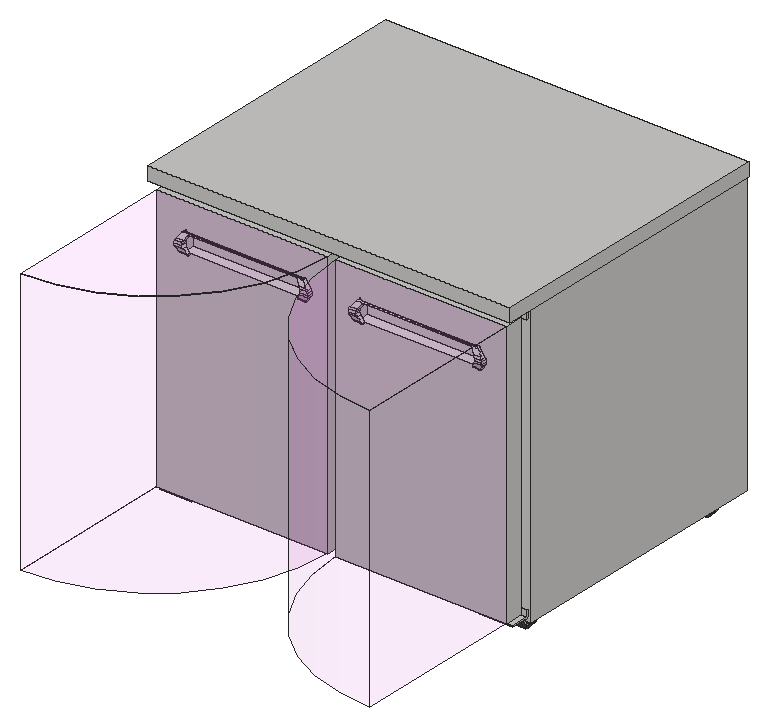
Revit family "Qf_Kelvinator_738335_KCHUC36F-32_2-Door_Under_Counter_Freezer_36_Long_32.5_Tall", category Specialty Equipment, Revit 2021
Family settings
  Round Connector Dimension = Use Diameter
  Part Type = Normal
  Work Plane-Based = No
  Always vertical = Yes
  Cut with Voids When Loaded = No
  Shared = No
  Room Calculation Point = No
Parameters
  Weight in Pounds = 178.574
  Watts = if(Phase = 3, Volts * FL Amps * 1.73, Volts * FL Amps)  # 345 W
  Volts = 115 V
  URL Cutsheet = ""
  Specification by User = ""
  Specification by Manufacturer = ""
  Show Clearance [instance] = yes
  Serial Number = ""
  Seismic Rating = ""
  SMACNA No = ""
  Revision Code = ""
  Refrigerant Type = "R290"
  Phase = 1
  Number of Poles = 1
  NAFEM Spec ID Number = ""
  Model = "738335 (KCHUC36F-32)"
  Min Ckt Ampacity = 0 A
  Max Overcurrent Protection = 0 A
  Masterspec = ""
  Manufacturer = "Kelvinator Commercial"
  Length = 36 7/16"
  Item Number = "738335"
  Installed By = ""
  Identify Quantity as Lot = yes
  Height = 32 1/16"
  HP = "1/4"
  Furnished By = ""
  Foodservice Equipment Identifier = yes
  FL Amps = 3 A
  Electrical Remarks = ""
  Electric Connection Type = ""
  Elec Conn RI Height = 0"
  Elec Conn Connection Height = 0"
  Description = "2-Door Under Counter Freezer 36\" Long 32.5\" Tall"
  Depth = 29 15/16"
  Default Elevation = 0"
  Cycle = 60 Hz
  Conn Plug = "5-15P"
  Conn Conduit = yes
  CSI MasterFormat = ""
  Apparent Power = if(Phase = 3, Volts * FL Amps * 1.73, Volts * FL Amps)  # 345 VA
Reference planes (in)
  plane 1 "BACK": y = 0
  plane 2: z = 0
  plane 3 "LEFT": x = 0
  plane 4 "RIGHT": x = 36.41732
  plane 5 "FRONT": y = -29.92126
  plane 6 "TOP": z = 32.08661
  plane 7 "Center Y": x = 18.20866
  plane 8 "Center X": y = -14.96063
  plane 9 "Base Height": z = 2.3622
  plane 10: x = 36.4375
  plane 11: y = -29.9375
  plane 12: z = 32.0625
Forms (in)
  Extrusion 1, solid, material "QF_Metal - Stainless - Polished"
    sketch origin (0, 0, 32.08661) x (-1, 0, 0) y (0, -1, 0)
      loop
        line (0, 0) -> (0, 29.9375) -> (-36.4375, 29.9375) -> (-36.4375, 0) -> (0, 0)
    from -0.02411 to -1.37795
  Extrusion 2, solid, material "QF_Metal - Stainless - Polished"
    sketch origin (36.4375, 0, 32.08661) x (0, -1, 0) y (0, 0, -1)
      loop
        line (0, 1.37795) -> (27.19734, 1.37795) -> (27.19734, 29.72441) -> (11.81102, 29.72441) -> (11.81102, 20.19685) -> (0, 20.19685) -> (0, 1.37795)
    from -2.30315 to -34.11417
  Extrusion 3, solid, material "QF_Metal - Stainless - Polished"
    sketch origin (0, 0, 0) x (1, 0, 0) y (0, 0, 1)
      loop
        line (2.30315, 2.3622) -> (2.30315, 30.70866) -> (0.09843, 30.70866) -> (0.09843, 2.3622) -> (2.30315, 2.3622)
      loop
        line (36.3189, 30.70866) -> (34.11417, 30.70866) -> (34.11417, 2.3622) -> (36.3189, 2.3622) -> (36.3189, 30.70866)
    from 0 to 27.1811
  Extrusion 4, solid, material "QF_Metal - Stainless - Polished"
    sketch origin (0, 0, 0) x (0, 1, 0) y (0, 0, 1)
      loop
        arc (-27.1811, 30.2126) -> (-27.23876, 30.35179) -> (-27.37795, 30.40945) r 0.19685
        line (-27.37795, 30.40945) -> (-29.08661, 30.40945) -> (-29.08661, 30.29134) -> (-27.29921, 30.29134) -> (-27.29921, 29.66142) -> (-27.1811, 29.66142) -> (-27.1811, 30.2126)
    from 0.45276 to 3.75984
  Extrusion 5, solid, material "QF_Metal - Stainless - Polished"
    sketch origin (0, -27.1811, 0) x (1, 0, 0) y (0, 0, 1)
      loop
        line (17.81496, 29.96063) -> (0.61024, 29.96063) -> (0.61024, 3.16929) -> (17.81496, 3.16929) -> (17.81496, 29.96063)
      loop
        line (18.60236, 29.96063) -> (18.60236, 3.16929) -> (35.80709, 3.16929) -> (35.80709, 29.96063) -> (18.60236, 29.96063)
    from 0.61024 to 2.3937
  Revolve 6, solid, material "QF_Metal - Stainless - Polished"
    sketch origin (1.20079, -180, 31.37695) x (0, 0, 1) y (0, -1, 0)
      loop
        line (-1.41632, -151.31693) -> (-1.41632, -151.45472) -> (-0.9675, -151.45472)
        arc (-0.9675, -151.45472) -> (-0.93232, -151.44015) -> (-0.91774, -151.40497) r 0.04975
        line (-0.91774, -151.40497) -> (-0.91774, -151.31693) -> (-1.41632, -151.31693)
      axis (-0.91774, -151.31693) -> (-1.41632, -151.31693)
    angle from 0 to 360
  Extrusion 7, solid, material "QF_Metal - Stainless - Polished"
    sketch origin (36.41732, 0, 0) x (0, 1, 0) y (0, 0, -1)
      loop
        line (-27.1811, -30.2126) -> (-27.1811, -29.66142) -> (-27.29921, -29.66142) -> (-27.29921, -30.29134) -> (-29.08661, -30.29134) -> (-29.08661, -30.40945) -> (-27.37795, -30.40945)
        arc (-27.37795, -30.40945) -> (-27.23876, -30.35179) -> (-27.1811, -30.2126) r 0.19685
    from 0.45276 to 3.75984
  Revolve 8, solid, material "QF_Metal - Stainless - Polished"
    sketch origin (35.21654, -180, 31.37695) x (0, 0, 1) y (0, 1, 0)
      loop
        line (-1.41632, 151.31693) -> (-0.91774, 151.31693) -> (-0.91774, 151.40497)
        arc (-0.91774, 151.40497) -> (-0.93232, 151.44015) -> (-0.9675, 151.45472) r 0.04975
        line (-0.9675, 151.45472) -> (-1.41632, 151.45472) -> (-1.41632, 151.31693)
      axis (-0.91774, 151.31693) -> (-1.41632, 151.31693)
    angle from 0 to 360
  Extrusion 9, solid, material "QF_Metal - Stainless - Polished"
    sketch origin (0, 0, 33.12992) x (0, 1, 0) y (0, 0, 1)
      loop
        line (-27.1811, -30.2126) -> (-27.1811, -29.66142) -> (-27.29921, -29.66142) -> (-27.29921, -30.29134) -> (-29.08661, -30.29134) -> (-29.08661, -30.40945) -> (-27.37795, -30.40945)
        arc (-27.37795, -30.40945) -> (-27.23876, -30.35179) -> (-27.1811, -30.2126) r 0.19685
    from 0.45276 to 3.75984
  Revolve 10, solid, material "QF_Metal - Stainless - Polished"
    sketch origin (1.20079, -180, 1.75298) x (0, 0, -1) y (0, 1, 0)
      loop
        line (-1.41632, 151.31693) -> (-0.91774, 151.31693) -> (-0.91774, 151.40497)
        arc (-0.91774, 151.40497) -> (-0.93232, 151.44015) -> (-0.9675, 151.45472) r 0.04975
        line (-0.9675, 151.45472) -> (-1.41632, 151.45472) -> (-1.41632, 151.31693)
      axis (-0.91774, 151.31693) -> (-1.41632, 151.31693)
    angle from 0 to 360
  Extrusion 11, solid, material "QF_Metal - Stainless - Polished"
    sketch origin (36.41732, 0, 33.12992) x (0, 1, 0) y (0, 0, -1)
      loop
        arc (-27.1811, 30.2126) -> (-27.23876, 30.35179) -> (-27.37795, 30.40945) r 0.19685
        line (-27.37795, 30.40945) -> (-29.08661, 30.40945) -> (-29.08661, 30.29134) -> (-27.29921, 30.29134) -> (-27.29921, 29.66142) -> (-27.1811, 29.66142) -> (-27.1811, 30.2126)
    from 0.45276 to 3.75984
  Revolve 12, solid, material "QF_Metal - Stainless - Polished"
    sketch origin (35.21654, -180, 1.75298) x (0, 0, -1) y (0, -1, 0)
      loop
        line (-1.41632, -151.31693) -> (-1.41632, -151.45472) -> (-0.9675, -151.45472)
        arc (-0.9675, -151.45472) -> (-0.93232, -151.44015) -> (-0.91774, -151.40497) r 0.04975
        line (-0.91774, -151.40497) -> (-0.91774, -151.31693) -> (-1.41632, -151.31693)
      axis (-0.91774, -151.31693) -> (-1.41632, -151.31693)
    angle from 0 to 360
  Extrusion 13, void
    sketch origin (0.61024, -27.1811, 30.40945) x (0, 0, 1) y (0, 1, 0)
      loop
        line (-3.18898, -2.3937) -> (-2.568, -2.10413) -> (-2.568, -1.51358) -> (-4.86745, -1.51358) -> (-5.10327, -2.3937) -> (-5.10327, -2.89858) -> (-3.18898, -2.89858) -> (-3.18898, -2.3937)
    from -2.84232 to -14.79941
  Extrusion 14, solid, material "QF_Metal - Stainless - Polished"
    sketch origin (0.61024, -27.1811, 30.40945) x (0, 0, 1) y (0, 1, 0)
      loop
        arc (-4.01855, -2.88583) -> (-3.90374, -2.87427) -> (-3.79354, -2.84005) r 0.57588
        line (-3.79354, -2.84005) -> (-3.2345, -2.60275)
        arc (-3.2345, -2.60275) -> (-3.20123, -2.5711) -> (-3.18898, -2.52684) r 0.08605
        line (-3.18898, -2.52684) -> (-3.18898, -2.3937) -> (-5.15748, -2.3937) -> (-5.15748, -2.52684)
        arc (-5.15748, -2.52684) -> (-5.14523, -2.5711) -> (-5.11196, -2.60275) r 0.08605
        line (-5.11196, -2.60275) -> (-4.55294, -2.84004)
        arc (-4.55294, -2.84004) -> (-4.44272, -2.87426) -> (-4.32788, -2.88583) r 0.57598
        line (-4.32788, -2.88583) -> (-4.01855, -2.88583)
    from -2.08661 to -15.55512
  Extrusion 15, void
    sketch origin (0, -29.5748, 0) x (1, 0, 0) y (0, 0, 1)
      loop
        arc (3.06002, 25.29885) -> (3.09731, 25.26444) -> (3.1465, 25.25197) r 0.10321
        line (3.1465, 25.25197) -> (3.87833, 25.25197)
        arc (3.87833, 25.25197) -> (3.90778, 25.2695) -> (3.9064, 25.30374) r 0.0335
        line (3.9064, 25.30374) -> (3.54363, 25.86078)
        arc (3.54363, 25.86078) -> (3.47581, 26.00753) -> (3.45256, 26.16752) r 0.5621
        line (3.45256, 26.16752) -> (3.45256, 26.29014)
        arc (3.45256, 26.29014) -> (3.46785, 26.38951) -> (3.51232, 26.47968) r 0.33045
        line (3.51232, 26.47968) -> (3.92503, 27.06909)
        arc (3.92503, 27.06909) -> (3.99539, 27.13079) -> (4.08628, 27.15304) r 0.19685
        line (4.08628, 27.15304) -> (14.77592, 27.15304)
        arc (14.77592, 27.15304) -> (14.86682, 27.13079) -> (14.93717, 27.06909) r 0.19685
        line (14.93717, 27.06909) -> (15.34989, 26.47968)
        arc (15.34989, 26.47968) -> (15.39435, 26.38951) -> (15.40965, 26.29014) r 0.33045
        line (15.40965, 26.29014) -> (15.40965, 26.16752)
        arc (15.40965, 26.16752) -> (15.3864, 26.00753) -> (15.31857, 25.86078) r 0.5621
        line (15.31857, 25.86078) -> (14.95581, 25.30374)
        arc (14.95581, 25.30374) -> (14.95443, 25.2695) -> (14.98388, 25.25197) r 0.0335
        line (14.98388, 25.25197) -> (15.7157, 25.25197)
        arc (15.7157, 25.25197) -> (15.76489, 25.26444) -> (15.80219, 25.29885) r 0.10321
        line (15.80219, 25.29885) -> (16.09437, 25.74751)
        arc (16.09437, 25.74751) -> (16.1442, 25.8618) -> (16.15402, 25.98609) r 0.37698
        line (16.15402, 25.98609) -> (16.13067, 26.253)
        arc (16.13067, 26.253) -> (16.11058, 26.34359) -> (16.06774, 26.42589) r 0.35543
        line (16.06774, 26.42589) -> (15.56744, 27.14039)
        arc (15.56744, 27.14039) -> (15.50032, 27.19925) -> (15.41361, 27.22047) r 0.1878
        line (15.41361, 27.22047) -> (3.4486, 27.22047)
        arc (3.4486, 27.22047) -> (3.36188, 27.19925) -> (3.29476, 27.14039) r 0.1878
        line (3.29476, 27.14039) -> (2.79447, 26.42589)
        arc (2.79447, 26.42589) -> (2.75162, 26.34359) -> (2.73154, 26.253) r 0.35543
        line (2.73154, 26.253) -> (2.70819, 25.98609)
        arc (2.70819, 25.98609) -> (2.71801, 25.8618) -> (2.76783, 25.74751) r 0.37698
        line (2.76783, 25.74751) -> (3.06002, 25.29885)
      loop
        line (2.34034, 27.70848) -> (2.34034, 24.83052) -> (16.50464, 24.83052) -> (16.50464, 27.70848) -> (2.34034, 27.70848)
      loop
        line (33.3573, 25.29885) -> (33.64949, 25.74751)
        arc (33.64949, 25.74751) -> (33.69931, 25.8618) -> (33.70914, 25.98609) r 0.37698
        line (33.70914, 25.98609) -> (33.68578, 26.253)
        arc (33.68578, 26.253) -> (33.6657, 26.34359) -> (33.62286, 26.42589) r 0.35543
        line (33.62286, 26.42589) -> (33.12256, 27.14039)
        arc (33.12256, 27.14039) -> (33.05544, 27.19925) -> (32.96872, 27.22047) r 0.1878
        line (32.96872, 27.22047) -> (21.00371, 27.22047)
        arc (21.00371, 27.22047) -> (20.917, 27.19925) -> (20.84988, 27.14039) r 0.1878
        line (20.84988, 27.14039) -> (20.34958, 26.42589)
        arc (20.34958, 26.42589) -> (20.30674, 26.34359) -> (20.28666, 26.253) r 0.35543
        line (20.28666, 26.253) -> (20.26331, 25.98609)
        arc (20.26331, 25.98609) -> (20.27313, 25.8618) -> (20.32295, 25.74751) r 0.37698
        line (20.32295, 25.74751) -> (20.61514, 25.29885)
        arc (20.61514, 25.29885) -> (20.65243, 25.26444) -> (20.70162, 25.25197) r 0.10321
        line (20.70162, 25.25197) -> (21.43345, 25.25197)
        arc (21.43345, 25.25197) -> (21.46289, 25.2695) -> (21.46152, 25.30374) r 0.0335
        line (21.46152, 25.30374) -> (21.09875, 25.86078)
        arc (21.09875, 25.86078) -> (21.03093, 26.00753) -> (21.00768, 26.16752) r 0.5621
        line (21.00768, 26.16752) -> (21.00768, 26.29014)
        arc (21.00768, 26.29014) -> (21.02297, 26.38951) -> (21.06744, 26.47968) r 0.33045
        line (21.06744, 26.47968) -> (21.48015, 27.06909)
        arc (21.48015, 27.06909) -> (21.5505, 27.13079) -> (21.6414, 27.15304) r 0.19685
        line (21.6414, 27.15304) -> (32.33104, 27.15304)
        arc (32.33104, 27.15304) -> (32.42194, 27.13079) -> (32.49229, 27.06909) r 0.19685
        line (32.49229, 27.06909) -> (32.905, 26.47968)
        arc (32.905, 26.47968) -> (32.94947, 26.38951) -> (32.96477, 26.29014) r 0.33045
        line (32.96477, 26.29014) -> (32.96477, 26.16752)
        arc (32.96477, 26.16752) -> (32.94152, 26.00753) -> (32.87369, 25.86078) r 0.5621
        line (32.87369, 25.86078) -> (32.51093, 25.30374)
        arc (32.51093, 25.30374) -> (32.50955, 25.2695) -> (32.53899, 25.25197) r 0.0335
        line (32.53899, 25.25197) -> (33.27082, 25.25197)
        arc (33.27082, 25.25197) -> (33.32001, 25.26444) -> (33.3573, 25.29885) r 0.10321
      loop
        line (34.07698, 27.70848) -> (19.91268, 27.70848) -> (19.91268, 24.83052) -> (34.07698, 24.83052) -> (34.07698, 27.70848)
    from 0 to 0.84096
  Extrusion 16, void
    sketch origin (35.80709, -27.1811, 30.40945) x (0, 0, 1) y (0, -1, 0)
      loop
        line (-3.18898, 2.3937) -> (-3.18898, 2.89858) -> (-5.10327, 2.89858) -> (-5.10327, 2.3937) -> (-4.86745, 1.51358) -> (-2.568, 1.51358) -> (-2.568, 2.10413) -> (-3.18898, 2.3937)
    from -2.84232 to -14.79941
  Extrusion 17, solid, material "QF_Metal - Stainless - Polished"
    sketch origin (35.80709, -27.1811, 30.40945) x (0, 0, 1) y (0, -1, 0)
      loop
        line (-3.2345, 2.60275) -> (-3.79354, 2.84005)
        arc (-3.79354, 2.84005) -> (-3.90374, 2.87427) -> (-4.01855, 2.88583) r 0.57588
        line (-4.01855, 2.88583) -> (-4.32788, 2.88583)
        arc (-4.32788, 2.88583) -> (-4.44272, 2.87426) -> (-4.55294, 2.84004) r 0.57598
        line (-4.55294, 2.84004) -> (-5.11196, 2.60275)
        arc (-5.11196, 2.60275) -> (-5.14523, 2.5711) -> (-5.15748, 2.52684) r 0.08605
        line (-5.15748, 2.52684) -> (-5.15748, 2.3937) -> (-3.18898, 2.3937) -> (-3.18898, 2.52684)
        arc (-3.18898, 2.52684) -> (-3.20123, 2.5711) -> (-3.2345, 2.60275) r 0.08605
    from -2.08661 to -15.55512
  Extrusion 18, solid, material "QF_Metal - Stainless - Polished"
    sketch origin (0.09843, 0, 2.3622) x (0, 0, 1) y (0, 1, 0)
      loop
        line (0, -11.81102) -> (0, 0) -> (-0.70866, 0) -> (-0.70866, -0.31496) -> (-0.64961, -0.31496) -> (-0.64961, -0.05906) -> (-0.05906, -0.05906) -> (-0.05906, -11.75197) -> (-0.64961, -11.75197) -> (-0.64961, -11.49606) -> (-0.70866, -11.49606) -> (-0.70866, -11.81102) -> (0, -11.81102)
    from -0.94882 to -35.27165
  Extrusion 19, solid, material "QF_Metal - Stainless - Polished"
    sketch origin (0, 0, 0) x (-1, 0, 0) y (0, 0, 1)
      loop
        line (-2.30315, 11.88976) -> (-34.11417, 11.88976) -> (-34.11417, 2.3622) -> (-2.30315, 2.3622) -> (-2.30315, 11.88976)
    from 0 to -0.0626
  Extrusion 20, solid, material "QF_Rubber - Black - Smooth"
    sketch origin (0, 0, 0) x (-1, 0, 0) y (0, 0, 1)
      loop
        circle (-32.48031, 10.77165) r 0.25
    from 0 to 0.0626
  Extrusion 21, solid, material "QF_Clearances_Door_Drawer", visible <- "Show Clearance"
    sketch origin (14.06858, -27.1811, 3.16929) x (0, -1, 0) y (-1, 0, 0)
      loop
        line (2.3937, -4.53378) -> (2.3937, -21.73851) -> (19.59843, -21.73851)
        arc (19.59843, -21.73851) -> (14.55928, -9.57293) -> (2.3937, -4.53378) r 17.20472
      loop
        arc (2.3937, -3.74638) -> (14.55928, 1.29277) -> (19.59843, 13.45834) r 17.20472
        line (19.59843, 13.45834) -> (2.3937, 13.45834) -> (2.3937, -3.74638)
    from 0 to -26.79134
  Extrusion 22, solid, material "QF_Rubber - Black - Smooth"
    sketch origin (0, -27.79134, 0) x (-1, 0, 0) y (0, 0, 1)
      loop
        line (-1.11024, 29.46063) -> (-17.31496, 29.46063) -> (-17.31496, 3.66929) -> (-1.11024, 3.66929) -> (-1.11024, 29.46063)
      loop
        line (-35.30709, 29.46063) -> (-35.30709, 3.66929) -> (-19.10236, 3.66929) -> (-19.10236, 29.46063) -> (-35.30709, 29.46063)
    from 0 to 0.61024
Cuts and joins
  joined: Extrusion 2, Extrusion 3
  Extrusion 13, Extrusion 16 cuts Extrusion 5
  Extrusion 15, Extrusion 16 cuts Extrusion 14
  Extrusion 15 cuts Extrusion 17
Lines and regions (in)
  symbolic lines
    curve 1: line (0, 0, 32.08661) -> (36.4375, 0, 32.08661)
    curve 2: line (0, -29.9375, 32.08661) -> (0, 0, 32.08661)
    curve 3: line (36.4375, -29.9375, 32.08661) -> (0, -29.9375, 32.08661)
    curve 4: line (36.4375, 0, 32.08661) -> (36.4375, -29.9375, 32.08661)
  symbolic lines, style "QF_Clearances_Door_Drawer", visible <- "Show Clearance"
    curve 5: line (35.17888, -29.9375, 32.08661) -> (20.90736, -38.17717, 32.08661)
    curve 6: arc (20.90736, -38.17717, 32.08661) -> (19.23646, -34.20264, 32.08661) -> (18.60619, -29.9375, 32.08661) r 17.20472
    curve 7: line (1.23845, -29.9375, 32.08661) -> (15.50996, -38.17717, 32.08661)
    curve 8: arc (15.50996, -38.17717, 32.08661) -> (17.18086, -34.20264, 32.08661) -> (17.81114, -29.9375, 32.08661) r 17.20472
Dimensions and locks (in)
  equal spacing: plane 3 "LEFT", plane 7 "Center Y", plane 4 "RIGHT"
  plane 3 "LEFT" to plane 4 "RIGHT" = 36.41732"
  equal spacing: plane 5 "FRONT", plane 8 "Center X", plane 1 "BACK"
  plane 5 "FRONT" to plane 1 "BACK" = 29.92126"
  plane 6 "TOP" to level = 32.08661"
  plane 9 "Base Height" to level = 2.3622"
  plane 6 "TOP" to plane 9 "Base Height" = 29.72441"
  plane 3 "LEFT" to plane 10 = 36 7/16"
  plane 1 "BACK" to plane 11 = 29 15/16"
  plane 12 to level = 32 1/16"
  aligned and locked: level to plane 2
Automatic sketch dimensions
  plane 1 "BACK" to Extrusion 1 sketch curve = 0"
  Extrusion 1 sketch curve to plane 4 "RIGHT" = 0.02018"
  Extrusion 1 sketch curve to plane 3 "LEFT" = 0"
  plane 5 "FRONT" to Extrusion 1 sketch curve = 0.01624"
  Extrusion 2 sketch curve to Extrusion 1 = 0"  (x2)
  Extrusion 1 to Extrusion 2 sketch curve = 11.81102"
  Extrusion 1 to Extrusion 2 sketch curve = 2.74016"
  Extrusion 2 sketch curve to Extrusion 1 = 18.8189"
  Extrusion 2 sketch curve to Extrusion 2 sketch curve = 9.52756"
  Extrusion 3 sketch curve to plane 9 "Base Height" = 0"  (x2)
  plane 3 "LEFT" to Extrusion 3 sketch curve = 0.09843"
  Extrusion 3 sketch curve to Extrusion 3 sketch curve = 2.20472"
  plane 4 "RIGHT" to Extrusion 3 sketch curve = 2.30315"
  plane 4 "RIGHT" to Extrusion 3 sketch curve = 0.09843"
  Extrusion 3 sketch curve to plane 6 "TOP" = 1.37795"  (x2)
  Extrusion 4 sketch curve to plane 5 "FRONT" = 0.83465"
  Extrusion 4 sketch curve to Extrusion 4 sketch curve = 1.70866"
  Extrusion 4 sketch curve to Extrusion 4 sketch curve = 0.07874"
  Extrusion 4 sketch curve to Extrusion 4 sketch curve = 0.11811"  (x2)
  Extrusion 4 sketch curve to plane 6 "TOP" = 2.4252"
  Extrusion 4 sketch curve to Extrusion 4 sketch curve = 0.55118"
  Extrusion 5 sketch curve to Extrusion 3 = 0.51181"  (x2)
  Extrusion 5 sketch curve to Extrusion 3 = 0.74803"  (x2)
  Extrusion 3 to Extrusion 5 sketch curve = 15.51181"
  Extrusion 5 sketch curve to Extrusion 5 sketch curve = 0.7874"
  Extrusion 5 sketch curve to Extrusion 3 = 0.80709"
  Extrusion 5 sketch curve to Extrusion 5 sketch curve = 0"
  Revolve 6 sketch curve to plane 6 "TOP" = 2.12598"
  Revolve 6 sketch curve to Revolve 6 sketch curve = 0.44882"
  Revolve 6 sketch curve to Revolve 6 sketch curve = 0.04975"
  Revolve 6 sketch curve to plane 5 "FRONT" = 1.37598"
  Revolve 6 sketch curve to Revolve 6 sketch curve = 0.1378"
  Revolve 6 sketch curve to Revolve 6 sketch curve = 0.68421"
  Revolve 6 sketch curve to Revolve 6 sketch curve = 0"  (x2)
  Extrusion 7 sketch curve to plane 5 "FRONT" = 0.83465"
  Extrusion 7 sketch curve to Extrusion 7 sketch curve = 1.70866"
  Extrusion 7 sketch curve to Extrusion 7 sketch curve = 0.07874"  (x2)
  Extrusion 7 sketch curve to Extrusion 7 sketch curve = 0.11811"
  Extrusion 7 sketch curve to plane 6 "TOP" = 1.67717"
  Extrusion 7 sketch curve to Extrusion 7 sketch curve = 0.55118"
  Revolve 8 sketch curve to plane 6 "TOP" = 2.12598"
  Revolve 8 sketch curve to Revolve 8 sketch curve = 0.44882"
  Revolve 8 sketch curve to Revolve 8 sketch curve = 0.04975"
  Revolve 8 sketch curve to plane 5 "FRONT" = 1.23819"
  Revolve 8 sketch curve to Revolve 8 sketch curve = 0.08804"
  Revolve 8 sketch curve to Revolve 8 sketch curve = 0.68421"
  Revolve 8 sketch curve to Revolve 8 sketch curve = 0"  (x2)
  Extrusion 9 sketch curve to plane 5 "FRONT" = 0.83465"
  plane 9 "Base Height" to Extrusion 9 sketch curve = 0.35827"
  Extrusion 9 sketch curve to Extrusion 9 sketch curve = 1.70866"
  Extrusion 9 sketch curve to Extrusion 9 sketch curve = 0.07874"  (x2)
  Extrusion 9 sketch curve to Extrusion 9 sketch curve = 0.11811"
  Extrusion 9 sketch curve to Extrusion 9 sketch curve = 0.55118"
  plane 9 "Base Height" to Revolve 10 sketch curve = 0.80709"
  plane 9 "Base Height" to Revolve 10 sketch curve = 0.35827"
  Revolve 10 sketch curve to Revolve 10 sketch curve = 0.04975"
  Revolve 10 sketch curve to plane 5 "FRONT" = 1.23819"
  Revolve 10 sketch curve to Revolve 10 sketch curve = 0.08804"
  Revolve 10 sketch curve to Revolve 10 sketch curve = 0.68421"
  Revolve 10 sketch curve to Revolve 10 sketch curve = 0"  (x2)
  Extrusion 11 sketch curve to plane 5 "FRONT" = 0.83465"
  plane 9 "Base Height" to Extrusion 11 sketch curve = 0.35827"
  Extrusion 11 sketch curve to Extrusion 11 sketch curve = 1.70866"
  Extrusion 11 sketch curve to Extrusion 11 sketch curve = 0.07874"
  Extrusion 11 sketch curve to Extrusion 11 sketch curve = 0.11811"  (x2)
  Extrusion 11 sketch curve to Extrusion 11 sketch curve = 0.55118"
  plane 9 "Base Height" to Revolve 12 sketch curve = 0.80709"
  plane 9 "Base Height" to Revolve 12 sketch curve = 0.35827"
  Revolve 12 sketch curve to Revolve 12 sketch curve = 0.04975"
  Revolve 12 sketch curve to plane 5 "FRONT" = 1.37598"
  Revolve 12 sketch curve to Revolve 12 sketch curve = 0.1378"
  Revolve 12 sketch curve to Revolve 12 sketch curve = 0.68421"
  Revolve 12 sketch curve to Revolve 12 sketch curve = 0"  (x2)
  Extrusion 13 sketch curve to Extrusion 5 = 0"  (x2)
  Extrusion 5 to Extrusion 13 sketch curve = 4.65445"
  Extrusion 13 sketch curve to Extrusion 13 sketch curve = 0.23583"
  Extrusion 13 sketch curve to Extrusion 13 sketch curve = 1.67847"
  Extrusion 5 to Extrusion 13 sketch curve = 0.28957"
  Extrusion 13 sketch curve to Extrusion 13 sketch curve = 0.62098"
  Extrusion 13 sketch curve to Extrusion 5 = 0.50488"
  Extrusion 13 sketch curve to Extrusion 13 sketch curve = 0.59055"
  Extrusion 14 sketch curve to Extrusion 5 = 0"
  Extrusion 14 sketch curve to Extrusion 5 = 0.13314"  (x2)
  Extrusion 5 to Extrusion 14 sketch curve = 4.70866"
  Extrusion 14 sketch curve to Extrusion 5 = 0.20905"  (x2)
  Extrusion 14 sketch curve to Extrusion 14 sketch curve = 0.04552"
  Extrusion 14 sketch curve to Extrusion 5 = 0.44634"
  Extrusion 14 sketch curve to Extrusion 14 sketch curve = 0.51849"
  Extrusion 14 sketch curve to Extrusion 14 sketch curve = 0.22505"
  Extrusion 14 sketch curve to Extrusion 14 sketch curve = 0.30933"
  Extrusion 14 sketch curve to Extrusion 5 = 0.44635"
  Extrusion 14 sketch curve to Extrusion 14 sketch curve = 0.22501"
  Extrusion 14 sketch curve to Extrusion 14 sketch curve = 0.51851"
  Extrusion 14 sketch curve to Extrusion 14 sketch curve = 0.04053"
  Extrusion 14 sketch curve to Extrusion 14 sketch curve = 0.04578"
  Extrusion 16 sketch curve to plane 5 "FRONT" = 0.34646"  (x2)
  Extrusion 16 sketch curve to plane 6 "TOP" = 6.78044"
  Extrusion 16 sketch curve to Extrusion 16 sketch curve = 0.23583"
  Extrusion 16 sketch curve to Extrusion 16 sketch curve = 1.67847"
  Extrusion 16 sketch curve to Extrusion 16 sketch curve = 0.62098"
  Extrusion 16 sketch curve to plane 5 "FRONT" = 0.63603"
  Extrusion 16 sketch curve to Extrusion 16 sketch curve = 0.88012"
  plane 5 "FRONT" to Extrusion 16 sketch curve = 0.15842"
  Extrusion 15 sketch curve to Extrusion 5 = 1.7301"
  Extrusion 15 sketch curve to Extrusion 15 sketch curve = 0.36785"
  Extrusion 15 sketch curve to Extrusion 15 sketch curve = 0.02335"  (x2)
  Extrusion 15 sketch curve to Extrusion 15 sketch curve = 0.05965"  (x4)
  Extrusion 15 sketch curve to Extrusion 15 sketch curve = 0.06293"  (x4)
  Extrusion 15 sketch curve to Extrusion 15 sketch curve = 0.29218"  (x2)
  Extrusion 15 sketch curve to Extrusion 15 sketch curve = 0.37554"  (x2)
  Extrusion 15 sketch curve to Extrusion 15 sketch curve = 0.00189"  (x4)
  Extrusion 15 sketch curve to Extrusion 15 sketch curve = 0.08648"  (x4)
  Extrusion 15 sketch curve to Extrusion 15 sketch curve = 0.5003"  (x2)
  Extrusion 15 sketch curve to Extrusion 15 sketch curve = 0.15384"  (x2)
  Extrusion 15 sketch curve to Extrusion 15 sketch curve = 0.36694"  (x4)
  Extrusion 15 sketch curve to Extrusion 15 sketch curve = 0.05976"  (x4)
  Extrusion 15 sketch curve to Extrusion 15 sketch curve = 0.09108"  (x2)
  Extrusion 15 sketch curve to Extrusion 15 sketch curve = 0.33045"
  Extrusion 15 sketch curve to Extrusion 15 sketch curve = 0.3347"  (x2)
  Extrusion 15 sketch curve to Extrusion 15 sketch curve = 0.02807"  (x4)
  Extrusion 15 sketch curve to Extrusion 15 sketch curve = 0.47643"  (x2)
  Extrusion 15 sketch curve to Extrusion 15 sketch curve = 0.23164"  (x4)
  Extrusion 15 sketch curve to Extrusion 15 sketch curve = 0.16125"  (x4)
  Extrusion 15 sketch curve to Extrusion 5 = 3.03904"
  Extrusion 15 sketch curve to Extrusion 15 sketch curve = 0.07163"  (x2)
  Extrusion 15 sketch curve to Extrusion 15 sketch curve = 0.10826"  (x2)
  Extrusion 15 sketch curve to Extrusion 15 sketch curve = 0.23938"  (x2)
  Extrusion 15 sketch curve to Extrusion 15 sketch curve = 0.27069"  (x3)
  Extrusion 15 sketch curve to Extrusion 15 sketch curve = 0.47644"  (x2)
  Extrusion 15 sketch curve to Extrusion 15 sketch curve = 0.15383"  (x2)
  Extrusion 15 sketch curve to Extrusion 15 sketch curve = 0.39713"  (x2)
  Extrusion 15 sketch curve to Extrusion 15 sketch curve = 0.29115"  (x2)
  Extrusion 15 sketch curve to Extrusion 15 sketch curve = 0.3159"  (x2)
  Extrusion 15 sketch curve to Extrusion 15 sketch curve = 0.9372"
  Extrusion 15 sketch curve to Extrusion 5 = 1.31032"
  Extrusion 15 sketch curve to Extrusion 15 sketch curve = 0.35062"
  Extrusion 15 sketch curve to Extrusion 5 = 3.47605"
  Extrusion 15 sketch curve to Extrusion 15 sketch curve = 0.71968"
  Extrusion 15 sketch curve to Extrusion 5 = 5.13011"  (x2)
  Extrusion 15 sketch curve to Extrusion 15 sketch curve = 0.42145"  (x4)
  Extrusion 15 sketch curve to Extrusion 15 sketch curve = 0.0335"  (x4)
  Extrusion 15 sketch curve to Extrusion 15 sketch curve = 3/64"  (x4)
  Extrusion 15 sketch curve to Extrusion 15 sketch curve = 0.44866"  (x4)
  Extrusion 15 sketch curve to Extrusion 15 sketch curve = 0.5056"  (x4)
  Extrusion 15 sketch curve to Extrusion 15 sketch curve = 0.20572"  (x4)
  Extrusion 15 sketch curve to Extrusion 15 sketch curve = 0.26879"  (x4)
  Extrusion 15 sketch curve to Extrusion 15 sketch curve = 0.26691"  (x4)
  Extrusion 15 sketch curve to Extrusion 15 sketch curve = 0.12262"  (x4)
  Extrusion 15 sketch curve to Extrusion 15 sketch curve = 0.66605"  (x4)
  Extrusion 15 sketch curve to Extrusion 15 sketch curve = 0.55299"  (x2)
  Extrusion 15 sketch curve to Extrusion 15 sketch curve = 0.553"  (x2)
  Extrusion 15 sketch curve to Extrusion 15 sketch curve = 0.11291"  (x2)
  Extrusion 15 sketch curve to Extrusion 15 sketch curve = 0.10772"  (x2)
  Extrusion 15 sketch curve to Extrusion 15 sketch curve = 0.56809"  (x2)
  Extrusion 17 sketch curve to Extrusion 5 = 0"
  Extrusion 17 sketch curve to Extrusion 5 = 4.70866"
  Extrusion 17 sketch curve to Extrusion 5 = 0.20905"  (x2)
  Extrusion 17 sketch curve to Extrusion 17 sketch curve = 0.04552"
  Extrusion 17 sketch curve to Extrusion 17 sketch curve = 0.04053"  (x2)
  Extrusion 17 sketch curve to Extrusion 5 = 0.44634"
  Extrusion 17 sketch curve to Extrusion 17 sketch curve = 0.51849"
  Extrusion 17 sketch curve to Extrusion 17 sketch curve = 0.22505"
  Extrusion 5 to Extrusion 17 sketch curve = 0.08375"
  Extrusion 17 sketch curve to Extrusion 17 sketch curve = 0.30933"
  Extrusion 17 sketch curve to Extrusion 5 = 0.44635"
  Extrusion 17 sketch curve to Extrusion 17 sketch curve = 0.22501"
  Extrusion 17 sketch curve to Extrusion 5 = 0.13314"
  Extrusion 17 sketch curve to Extrusion 17 sketch curve = 0.51851"
  Extrusion 18 sketch curve to Extrusion 3 = 0"  (x2)
  Extrusion 18 sketch curve to Extrusion 3 = 0.05906"
  Extrusion 18 sketch curve to Extrusion 18 sketch curve = 0.59055"  (x2)
  Extrusion 3 to Extrusion 18 sketch curve = 0.05906"
  Extrusion 18 sketch curve to Extrusion 18 sketch curve = 0.05906"  (x3)
  Extrusion 18 sketch curve to Extrusion 18 sketch curve = 0.25591"  (x2)
  Extrusion 18 sketch curve to Extrusion 18 sketch curve = 11.1811"
  Extrusion 3 to Extrusion 19 sketch curve = 0"
  Extrusion 19 sketch curve to Extrusion 3 = 0"  (x2)
  Extrusion 19 sketch curve to Extrusion 3 = 9.52756"
  Extrusion 20 sketch curve to Extrusion 19 = 1.63386"
  Extrusion 20 sketch curve to Extrusion 19 = 1.11811"
  Extrusion 5 to Extrusion 21 sketch curve = 0"
  Extrusion 21 sketch curve to Extrusion 5 = 0"  (x3)
  Extrusion 5 to Extrusion 21 sketch curve = 17.20472"
  Extrusion 21 sketch curve to Extrusion 21 sketch curve = 0.7874"
  Extrusion 22 sketch curve to Extrusion 5 = 1/2"  (x8)
  plane 1 "BACK" to curve 1 = 0"
  curve 1 to plane 4 "RIGHT" = 0.02018"
  plane 5 "FRONT" to curve 6 = 0.01624"
  curve 2 to plane 3 "LEFT" = 0"
  plane 4 "RIGHT" to curve 6 = 0.61024"
  plane 7 "Center Y" to curve 5 = 2.6987"
  curve 7 to plane 7 "Center Y" = 2.6987"
  plane 3 "LEFT" to curve 8 = 0.61024"
  curve 6 to plane 5 "FRONT" = 0.34646"
  curve 8 to plane 5 "FRONT" = 0.34646"
  plane 5 "FRONT" to curve 5 = 8.25591"
  curve 7 to curve 5 = 0"
  curve 6 to curve 5 = 0.62821"
  curve 7 to curve 8 = 0.62821"
  radius of Extrusion 20 sketch curve = 1/4"
Nested families (in)
  nested 1: "2 INCHES_CASTER" at (33.44094, -2.16535, 0), type "2 INCHES_CASTER"
    with Type Mark "", Specification by User "", Revision Code "", Item Number "", Installed By "", Identify Quantity as Lot yes, Furnished By "", Foodservice Equipment Identifier yes, 2.5 Inches Caster yes
  nested 2: "2 INCHES_CASTER" at (33.44094, -25.01575, 0), type "2 INCHES_CASTER"
    with Type Mark "", Specification by User "", Revision Code "", Item Number "", Installed By "", Identify Quantity as Lot yes, Furnished By "", Foodservice Equipment Identifier yes, 2.5 Inches Caster yes
  nested 3: "2 INCHES_CASTER" at (2.97638, -2.16535, 0), type "2 INCHES_CASTER"
    with Type Mark "", Specification by User "", Revision Code "", Item Number "", Installed By "", Identify Quantity as Lot yes, Furnished By "", Foodservice Equipment Identifier yes, 2.5 Inches Caster yes
  nested 4: "2 INCHES_CASTER" at (2.97638, -25.01575, 0), type "2 INCHES_CASTER"
    with Type Mark "", Specification by User "", Revision Code "", Item Number "", Installed By "", Identify Quantity as Lot yes, Furnished By "", Foodservice Equipment Identifier yes, 2.5 Inches Caster yes
Connectors (in)
  electrical at (32.48031, 0.0626, 10.77165), driven by "Volts"
    settings: on Extrusion 20, index 1, voltage 115 V, apparent load 0 VA, apparent load phase1 0 VA, apparent load phase2 0 VA, apparent load phase3 0 VA, power factor 1, load classification "Other", number of poles 1, system type 30, power factor state 1, is connector primary yes, connector utility no, sub classification motor no, connector description "Electrical Connection"
Definition of nested family "2 INCHES_CASTER"
  Parameters (values of type "2 INCHES_CASTER")
    Weight = ""
    URL Manufacturer = ""
    URL Cutsheet = ""
    URL = ""
    Type Mark [instance] = ""
    Specification by User [instance] = ""
    Specification by Manufacturer = ""
    Serial Number = ""
    Seismic Rating = ""
    SMACNA No = ""
    Revision Code [instance] = ""
    Omniclass Number and Title = ""
    NAFEM Spec ID Number = ""
    Model = ""
    MasterSpec. = ""
    Manufacturer = ""
    Item Number [instance] = ""
    Installed By [instance] = ""
    Identify Quantity as Lot [instance] = yes
    Furnished By [instance] = ""
    Foodservice Equipment Identifier [instance] = yes
    Description = ""
    Default Elevation = 0"
    CSI MasterFormat = ""
    CSI Master Format = ""
    Assembly Code = ""
    2.5 Inches Caster [instance] = yes
  Reference planes (in)
    plane 1: z = 0
    plane 2 "RIGHT": x = 0
    plane 3 "FRONT": y = 0
    plane 4 "TOP": z = 2.30315
  Forms (in)
    Revolve 1, solid, visible <- "2.5 Inches Caster"
      sketch origin (-1.93794, 0.46818, -1.0041) x (1, 0, 0) y (0, 0, 1)
        loop
          line (0.74055, 1.86347) -> (0.74055, 1.78797) -> (0.79055, 1.73797) -> (0.85055, 1.73797) -> (0.85055, 1.6179) -> (1.235, 1.6179) -> (1.235, 1.55055) -> (1.38673, 1.46295) -> (1.4003, 1.3791) -> (1.34375, 1.3791) -> (1.34375, 1.2541) -> (1.375, 1.2541) -> (1.375, 1.0041) -> (2.48438, 1.0041) -> (2.48438, 1.2541) -> (2.51563, 1.2541) -> (2.51563, 1.3791) -> (2.45908, 1.3791) -> (2.47322, 1.46647) -> (2.62438, 1.55374) -> (2.62438, 1.6179) -> (3.04007, 1.6179) -> (3.04007, 1.73797) -> (3.10007, 1.73797) -> (3.15007, 1.78797) -> (3.15007, 1.86347) -> (0.74055, 1.86347)
        axis (0.74055, 1.86347) -> (3.15007, 1.86347)
      angle from 0 to 360
    Extrusion 2, solid, visible <- "2.5 Inches Caster"
      sketch origin (-1.93794, 1.43296, -3.41527) x (0, 1, 0) y (0, 0, 1)
        loop
          line (-0.64294, 5.3791) -> (-2.21294, 5.3791) -> (-2.21294, 5.24769) -> (-1.37414, 5.24769)
          arc (-1.37414, 5.24769) -> (-0.62115, 5.15851) -> (0.05138, 4.80832) r 2.10495
          line (0.05138, 4.80832) -> (0.12713, 4.91318)
          arc (0.12713, 4.91318) -> (-0.07255, 5.06376) -> (-0.29048, 5.18644) r 1.8753
          line (-0.29048, 5.18644) -> (-0.22239, 5.30423)
          arc (-0.22239, 5.30423) -> (-0.42936, 5.36024) -> (-0.64294, 5.3791) r 1.21859
      from 1.17357 to 2.70231
    Revolve 3, solid, visible <- "2.5 Inches Caster"
      sketch origin (0, 1.73858, -3.75) x (0, 1, 0) y (0, 0, 1)
        loop
          line (-1.73858, 5.71382) -> (-1.05793, 5.71382) -> (-1.05793, 6.05315) -> (-1.73858, 6.05315) -> (-1.73858, 5.71382)
        axis (-1.73858, 5.71382) -> (-1.73858, 6.05315)
      angle from 0 to 360
    Extrusion 4, solid, visible <- "2.5 Inches Caster"
      sketch origin (-1.98481, 1.43296, -1.7541) x (0, 1, 0) y (0, 0, 1)
        loop
          line (-2.21294, 3.71792) -> (-2.21294, 3.58652) -> (-1.94904, 3.58652)
          arc (-1.94904, 3.58652) -> (-1.56115, 3.28048) -> (-1.39241, 2.81612) r 0.90292
          arc (-1.39241, 2.81612) -> (-1.36136, 2.62044) -> (-1.29729, 2.43295) r 1.15385
          arc (-1.29729, 2.43295) -> (-0.94802, 2.21237) -> (-0.6121, 2.45278) r 0.37001
          arc (-0.6121, 2.45278) -> (-0.59625, 2.50123) -> (-0.58446, 2.55082) r 0.61695
          arc (-0.58446, 2.55082) -> (-0.36134, 2.95548) -> (0.05609, 3.15367) r 0.75313
          line (0.05609, 3.15367) -> (0.12713, 3.252)
          arc (0.12713, 3.252) -> (-0.07255, 3.40259) -> (-0.29048, 3.52526) r 1.8753
          line (-0.29048, 3.52526) -> (-0.22239, 3.64306)
          arc (-0.22239, 3.64306) -> (-0.42936, 3.69906) -> (-0.64294, 3.71792) r 1.21859
          line (-0.64294, 3.71792) -> (-2.21294, 3.71792)
      from 2.74918 to 2.90825
    Extrusion 5, solid, visible <- "2.5 Inches Caster"
      sketch origin (1.98481, 1.43296, -1.7541) x (0, 1, 0) y (0, 0, -1)
        loop
          arc (-0.58446, -2.55082) -> (-0.59625, -2.50123) -> (-0.6121, -2.45278) r 0.61695
          arc (-0.6121, -2.45278) -> (-0.94802, -2.21237) -> (-1.29729, -2.43295) r 0.37001
          arc (-1.29729, -2.43295) -> (-1.36136, -2.62044) -> (-1.39241, -2.81612) r 1.15385
          arc (-1.39241, -2.81612) -> (-1.56115, -3.28048) -> (-1.94904, -3.58652) r 0.90292
          line (-1.94904, -3.58652) -> (-2.21294, -3.58652) -> (-2.21294, -3.71792) -> (-0.64294, -3.71792)
          arc (-0.64294, -3.71792) -> (-0.42936, -3.69906) -> (-0.22239, -3.64306) r 1.21859
          line (-0.22239, -3.64306) -> (-0.29048, -3.52526)
          arc (-0.29048, -3.52526) -> (-0.07255, -3.40259) -> (0.12713, -3.252) r 1.8753
          line (0.12713, -3.252) -> (0.05609, -3.15367)
          arc (0.05609, -3.15367) -> (-0.36134, -2.95548) -> (-0.58446, -2.55082) r 0.75313
      from 2.74918 to 2.90825
  Lines and regions (in)
    symbolic lines, visible <- "2.5 Inches Caster"
      curve 1: line (0.10651, 1.59133, 0) -> (0.80944, 1.1855, 0)
      curve 2: line (-0.89349, -0.14072, 0) -> (0.10651, 1.59133, 0)
      curve 3: line (-0.19056, -0.54656, 0) -> (-0.89349, -0.14072, 0)
      curve 4: line (0.80944, 1.1855, 0) -> (-0.19056, -0.54656, 0)
  Dimensions and locks (in)
    plane 4 "TOP" to level = 2.30315"  (x2)
    aligned and locked: level to plane 1
